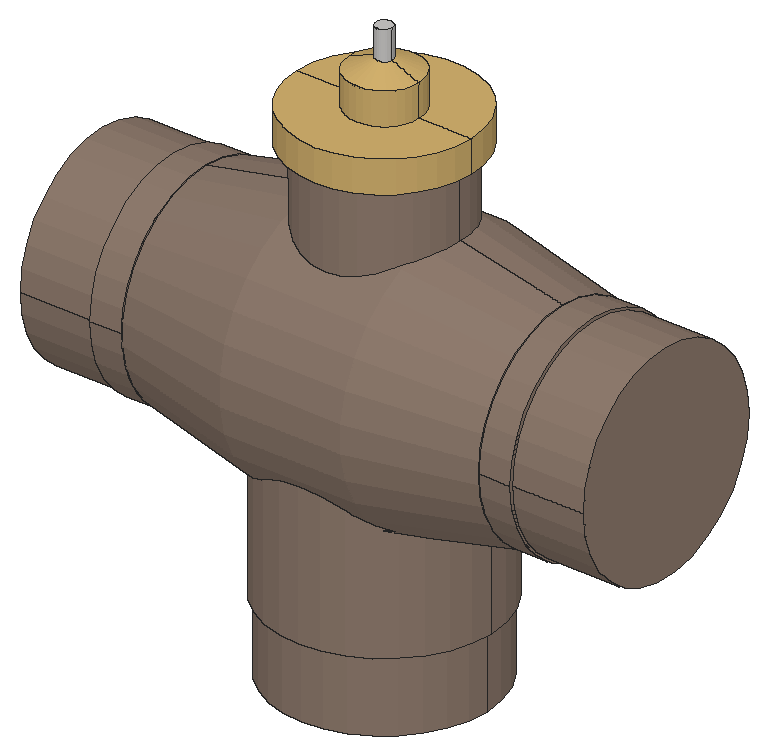
Revit family "1VMV_DN15-40_External_RFA", category Pipe Accessories, Revit 2019
Family settings
  Round Connector Dimension = Use Diameter
  Part Type = Valve - Breaks Into
  OmniClass Number = 23.65.55.14.17
  OmniClass Title = Adjusting/Controlling Valves for Liquid Services
  Work Plane-Based = No
  Always vertical = Yes
  Cut with Voids When Loaded = No
  Shared = No
Parameters (values of type "VMV_DN15_External_065F6015")
  Weight = 0.50 kg
  W = R_B1 * 2  # 33.584 mm
  R_B1 = 16.792 mm
  RT2 = 11 mm
  RT1 = 4.4 mm
  RB2 = 9.5 mm
  RB1 = 13.5 mm
  Nominal Pressure = "PN 16"  # constant formula
  Valve Body Material = Danfoss Red Bronze
  built-in parameter 1114242 [instance] = (empty or 0)
  URL = "https://store.danfoss.com/en/Climate-Solutions-for-heating/Self-acting-Thermostats/Valves-for-Thermostatic-Sensors/c/4096?q=%3Arelevance%3Adanfoss_producttypehierarchydesc%3A402447709af02e780a7ded907707f30d7175b537%3Adanfoss_a50461501115_fts%3ATA6_1501121&text="
  Thread = 27 mm
  TR = R1 * 2  # 26 mm
  Stroke = "2.0 mm"
  R1 = 13 mm
  Pressure Drop [instance] = 0.0 bar
  L1 = 4 mm
  L = 71 mm
  Kvs = 2.5 m³/h
  HT3 = 4 mm
  HT2 = 4 mm
  HB1 = 13.3 mm
  HB2 = 24 mm
  H = 37 mm
  Depth_Thread = 9 mm
  Model Type = "VMV_DN15_External"
  Model = "065F6015"
  Min Medium Temperature = "2 °C"  # constant formula
  Max Medium Temperature = "120 °C"  # constant formula
  Manufacturer = "Danfoss"  # constant formula
  LOD 350 = not(LOD 200)  # yes
  LOD 200 = no
  IfcExportType = "VMV"  # constant formula
  IfcExportAs = "IfcValveType"  # constant formula
  H1 = 36 mm
  Flow [instance] = 0.0 m³/h
  Description = "Motorized Control Valve"  # constant formula
  DV1 = 26.6 mm
  D = 15 mm
  Connection = "External Thread"  # constant formula
Types (5, lengths in mm): name | Weight | W | R_B1 | RT2 | RT1 | RB2 | RB1 | Thread | TR | Stroke | R1 | L1 | L | Kvs | HT3 | HT2 | HB1 | HB2 | H | Depth_Thread | Model Type | Model | H1 | DV1 | D
  VMV_DN25_External_065F6025 | 0.60 kg | 52 | 26 | 11.3 | 4.7 | 10 | 22.3 | 32 | 43 | "2.1 mm" | 21.5 | 4.2 | 93 | 6.3 m³/h | 4.3 | 3.815 | 21.5 | 33.5 | 47 | 11.3 | "VMV_DN25_External" | "065F6025" | 47 | 43 | 25
  VMV_DN32_External_065F6032 | 1.20 kg | 64 | 32 | 11.6 | 4.4 | 10 | 27.5 | 50 | 54.2 | "3.1 mm" | 27.1 | 4.1 | 106 | 10.0 m³/h | 4 | 4 | 27.5 | 39.4 | 52.5 | 13 | "VMV_DN32_External" | "065F6032" | 53 | 55 | 32
  VMV_DN40_External_065F6040 | 1.60 kg | 76 | 38 | 11.5 | 4.4 | 10 | 30.3 | 60 | 60 | "3.3 mm" | 30 | 4 | 120 | 12.0 m³/h | 4 | 4 | 30.3 | 46 | 59 | 13 | "VMV_DN40_External\r\nVMV_DN40_External" | "065F6040" | 60 | 60.6 | 40
  VMV_DN20_External_065F6020 | 0.60 kg | 44 | 22 | 11.8 | 4.7 | 10.3 | 18.3 | 32 | 35.4 | "2.1 mm" | 17.7 | 4.2 | 86 | 4.0 m³/h | 4.3 | 4.3 | 18 | 28 | 42 | 9.7 | "VMV_DN20_External" | "065F6020" | 43 | 36 | 20
  VMV_DN15_External_065F6015 | 0.50 kg | 33.584 | 16.792 | 11 | 4.4 | 9.5 | 13.5 | 27 | 26 | "2.0 mm" | 13 | 4 | 71 | 2.5 m³/h | 4 | 4 | 13.3 | 24 | 37 | 9 | "VMV_DN15_External" | "065F6015" | 36 | 26.6 | 15
Reference planes
  plane 1 "Center (Front/Back)": y = 0
  plane 2 "XYPLANE": z = 0
  plane 3 "Center (Left/Right)": x = 0
  plane 4 "170": y = 0
  plane 5 "57": y = 0
  plane 6 "10": x = -35.5
  plane 7 "6": y = 0
  plane 8 "5": z = 0
  plane 9 "132XZ": y = 0
  plane 10 "35XZ": y = 0
  plane 11 "47-3": x = 35.5
  plane 12 "29": x = -26.5
  plane 13: x = 26.5
  plane 14: z = -36
  plane 15: z = -27
  plane 16: z = 37
  plane 17: z = 39.4
  plane 18: z = 33.4
  plane 19: x = -22.5
  plane 20: x = 22.5
  plane 21: y = -16.792
  plane 22: y = 16.792
Forms (mm)
  Extrusion 1, solid, material "Danfoss Red Bronze" <- "Valve Body Material", detail levels fine
    sketch origin (-35.5, -750, 0) x (0, 1, 0) y (0, 0, 1)
      loop
        circle (750, 0) r 13
    from 0 to 9 <- "Depth_Thread"
  Extrusion 2, solid, material "Danfoss Red Bronze" <- "Valve Body Material", detail levels fine
    sketch origin (35.5, 0, 0) x (0, 1, 0) y (0, 0, -1)
      loop
        circle (0, 0) r 13
    from 0 to 9 <- "Depth_Thread"
  Revolve 3, solid, material "Danfoss Red Bronze" <- "Valve Body Material", visible <- "LOD 350", detail levels fine
    sketch origin (0, 0, 0) x (1, 0, 0) y (0, 0, 1)
      loop
        line (-22.5, 0) -> (22.5, 0) -> (22.5, 13.3)
        arc (22.5, 13.3) -> (0, 16.792) -> (-22.5, 13.3) r 74.233
        line (-22.5, 13.3) -> (-22.5, 0)
      axis (-22.5, 0) -> (22.5, 0)
    angle from 0 to 360
  Revolve 4, solid, material "Danfoss Red Bronze" <- "Valve Body Material", detail levels fine
    sketch origin (0, 0, 0) x (1, 0, 0) y (0, 0, 1)
      loop
        line (0, 24) -> (0, -27) -> (13.5, -27) -> (13.5, 0) -> (9.5, 0) -> (9.5, 24) -> (0, 24)
      axis (0, 24) -> (0, -27)
    angle from 0 to 360
  Revolve 5, solid, material "Danfoss Brass", visible <- "LOD 350", detail levels fine
    sketch origin (0, 0, 0) x (1, 0, 0) y (0, 0, 1)
      loop
        line (11, 24) -> (11, 28) -> (4.4, 28) -> (4.4, 32) -> (1, 33.4) -> (0, 33.4) -> (0, 24) -> (11, 24)
      axis (0, 33.4) -> (0, 24)
    angle from 0 to 360
  Extrusion 6, solid, material "Danfoss Stainless Steel", detail levels fine
    sketch origin (0, 0, 0) x (1, 0, 0) y (0, 1, 0)
      loop
        circle (0, 0) r 1
    from 33.4 to 37
  Extrusion 7, solid, material "Danfoss Red Bronze" <- "Valve Body Material", visible <- "LOD 200", detail levels fine
    sketch origin (35.5, 0, 0) x (0, 1, 0) y (0, 0, -1)
      loop
        circle (0, 0) r 13.3
    from 9 to 62
  Extrusion 8, solid, material "Danfoss Red Bronze" <- "Valve Body Material", visible <- "LOD 350", detail levels fine
    sketch origin (-45, 0, 0) x (0, 1, 0) y (0, 0, 1)
      loop
        circle (0, 0) r 13.3
    from 71.5 to 67.5
  Extrusion 9, solid, material "Danfoss Red Bronze" <- "Valve Body Material", visible <- "LOD 350", detail levels fine
    sketch origin (45, 0, 0) x (0, 1, 0) y (0, 0, -1)
      loop
        circle (0, 0) r 13.3
    from 71.5 to 67.5
  Revolve 10, solid, material "Danfoss Brass", visible <- "LOD 200", detail levels fine
    sketch origin (0, 0, 0) x (1, 0, 0) y (0, 0, 1)
      loop
        line (11, 24) -> (11, 33.4) -> (0, 33.4) -> (0, 24) -> (11, 24)
      axis (0, 33.4) -> (0, 24)
    angle from 0 to 360
  Revolve 11, solid, material "Danfoss Red Bronze" <- "Valve Body Material", detail levels fine
    sketch origin (0, 0, 0) x (1, 0, 0) y (0, 0, 1)
      loop
        line (0, -36) -> (13, -36) -> (13, -27) -> (0, -27) -> (0, -36)
      axis (0, -36) -> (0, -27)
    angle from 0 to 360
Lines and regions (mm)
  reference lines, not visible
    curve 1: circle (2, 2, 0) r 1 normal (0, 0, 1)
  reference lines
    curve 2: circle (12.391, 0, 5.807) r 1 normal (0.4226, 0, 0.9063)
    curve 3: circle (12.391, 0, 5.807) r 1 normal (0.4226, 0, 0.9063)
    curve 4: line (-35.5, 0, 0) -> (-35.5, 6.928, 4)
    curve 5: line (-35.5, 0, 0) -> (-35.5, 0, 8)
    curve 6: line (-35.5, 0, 0) -> (-35.5, -6.928, 4)
Dimensions and locks
  plane 1 "Center (Front/Back)" to curve 1 = 2 mm
  locked: plane 7 "6" to plane 4 "170"
  locked: plane 7 "6" to plane 5 "57"
  locked: plane 1 "Center (Front/Back)" to plane 7 "6"
  locked: plane 2 "XYPLANE" to plane 8 "5"
  "Depth_Thread": plane 6 "10" to plane 12 "29"
  "Depth_Thread": plane 13 to plane 11 "47-3"
  "H1": level to plane 14
  "Depth_Thread": plane 15 to plane 14
  "RB1": Revolve 4 sketch curve to Revolve 4 sketch curve
  "RB2": Revolve 4 sketch curve to Revolve 4 sketch curve
  "HB2": Revolve 4 sketch curve to level
  "H": plane 16 to level
  "RT1": Revolve 5 sketch curve to Revolve 5 sketch curve
  "RT2": Revolve 5 sketch curve to Revolve 5 sketch curve
  "HT3": Revolve 5 sketch curve to Revolve 5 sketch curve
  "HB2": Revolve 5 sketch curve to level
  "L": plane 11 "47-3" to plane 6 "10"
  "HT2": Revolve 5 sketch curve to Revolve 5 sketch curve
  Revolve 5 sketch curve to Revolve 5 sketch curve = 1 mm
  "L1": plane 19 to plane 12 "29"
  "L1": plane 20 to plane 13
  equal spacing: plane 6 "10", plane 3 "Center (Left/Right)", plane 11 "47-3"
  "R1": Revolve 11 sketch curve to Revolve 11 sketch curve
  "RT2": Revolve 10 sketch curve to plane 3 "Center (Left/Right)"
  "HB1": Revolve 3 sketch curve to Revolve 3 sketch curve  (x2)
  "R_B1": Revolve 3 sketch curve to Revolve 3 sketch curve
  locked: plane 16 to plane 18 at 3.6
  "W": plane 22 to plane 21
  equal spacing: plane 22, plane 1 "Center (Front/Back)", plane 21
  "R1": radius of Extrusion 2 sketch curve
  "R1": radius of Extrusion 1 sketch curve
  "DV1": diameter of Extrusion 7 sketch curve
  "DV1": diameter of Extrusion 8 sketch curve
  "DV1": diameter of Extrusion 9 sketch curve
  radius of Extrusion 6 sketch curve = 1 mm
  locked: curve 5 to curve 4 (angle 60.00°)
  locked: curve 6 to curve 5 (angle 60.00°)
  locked: curve 6 to curve 4 (angle 120.00°)
  aligned and locked: level to plane 2 "XYPLANE"
  aligned and locked: plane 4 "170" to curve 2
  aligned and locked: plane 4 "170" to curve 3
  aligned and locked: curve 6 to plane 7 "6"
  aligned and locked: plane 8 "5" to curve 6
  aligned and locked: plane 1 "Center (Front/Back)" to Extrusion 1 sketch curve
  aligned and locked: level to Extrusion 1 sketch curve
  aligned and locked: Revolve 3 sketch curve to level
  aligned and locked: Revolve 3 sketch curve to Revolve 3 sketch curve
  aligned and locked: Revolve 4 sketch curve to level
  aligned and locked: Revolve 4 sketch curve to plane 15
  aligned and locked: Revolve 4 sketch curve to Revolve 4 sketch curve  (x2)
  aligned and locked: Revolve 5 sketch curve to plane 3 "Center (Left/Right)"  (x2)
  aligned and locked: Extrusion 6 to plane 18
  aligned and locked: plane 16 to Extrusion 6
  aligned and locked: Revolve 5 sketch curve to plane 18
  aligned and locked: Revolve 5 sketch curve to Extrusion 6
  aligned and locked: Revolve 4 to Revolve 5 sketch curve
  aligned and locked: Extrusion 7 to plane 12 "29"
  aligned and locked: Extrusion 7 to plane 13
  aligned and locked: Extrusion 9 to plane 19
  aligned and locked: plane 20 to Extrusion 8
  aligned and locked: Revolve 10 sketch curve to Revolve 5
  aligned and locked: Revolve 10 sketch curve to plane 3 "Center (Left/Right)"
  aligned and locked: Revolve 10 sketch curve to plane 18
  aligned and locked: Revolve 11 sketch curve to plane 14
  aligned and locked: Revolve 11 sketch curve to plane 3 "Center (Left/Right)"
  aligned and locked: Revolve 11 sketch curve to plane 15
  aligned and locked: Revolve 11 sketch curve to Revolve 11 sketch curve  (x2)
  aligned and locked: nested 1 to plane 10 "35XZ"
  aligned and locked: plane 3 "Center (Left/Right)" to nested 1
  aligned and locked: nested 1 to plane 3 "Center (Left/Right)"
  aligned and locked: plane 19 to Revolve 3 sketch curve
  aligned and locked: Revolve 3 sketch curve to plane 20
  aligned and locked: Extrusion 9 to plane 12 "29"
  aligned and locked: Extrusion 8 to plane 13
Automatic sketch dimensions
  plane 3 "Center (Left/Right)" to curve 1 = 2 mm
  curve 2 to curve 3 = 0 mm
  plane 1 "Center (Front/Back)" to Extrusion 6 sketch curve = 0 mm
  Extrusion 6 sketch curve to plane 3 "Center (Left/Right)" = 0 mm
  Extrusion 2 sketch curve to level = 0 mm
  Extrusion 2 sketch curve to plane 1 "Center (Front/Back)" = 0 mm
  Revolve 3 sketch curve to plane 12 "29" = 0 mm
  plane 13 to Revolve 3 sketch curve = 0 mm
  Revolve 4 sketch curve to plane 3 "Center (Left/Right)" = 0 mm
  Revolve 4 sketch curve to plane 15 = 0 mm
  Extrusion 7 sketch curve to level = 0 mm
  Extrusion 7 sketch curve to plane 1 "Center (Front/Back)" = 0 mm
  Extrusion 8 sketch curve to level = 0 mm
  Extrusion 8 sketch curve to plane 1 "Center (Front/Back)" = 0 mm
  Extrusion 9 sketch curve to level = 0 mm
  Extrusion 9 sketch curve to plane 1 "Center (Front/Back)" = 0 mm
  Revolve 10 sketch curve to level = 0 mm
  Revolve 10 sketch curve to plane 3 "Center (Left/Right)" = 0 mm
  Revolve 10 sketch curve to plane 16 = 0 mm
  Revolve 11 sketch curve to Revolve 11 sketch curve = 5 mm
  radius of curve 1 = 1 mm
  radius of curve 2 = 1 mm
  radius of curve 3 = 1 mm
Nested families
  nested 1: "Schematic_3-Way Valve" at (0, 0, 0), type "Schematic_3-Way Valve", detail levels coarse+medium
Connectors
  piping at (35.5, 0, 0), diameter 15, driven by "D", driven by "Flow"
    settings: on Extrusion 2, index 1, connector inside diameter 609.6 mm, connector length 0 mm, flow factor 0, pipe flow 0.0 m³/h, pressure drop 0.0 bar, fitting loss kfactor 0, connector angle 0.00°, fixture units 0, engagement length 0 mm, angle of deflection 0.00°, flow configuration 0, flow direction 0, fitting loss method 0, system type 29, joint type 0, gender type 0, connector reference index 2, connector utility 0, adjustable connector no, is connector primary yes, connector description ""
  piping at (-35.5, 0, 0), diameter 15, driven by "D", driven by "Flow"
    settings: on Extrusion 1, index 2, connector inside diameter 609.6 mm, connector length 0 mm, flow factor 0, pipe flow 0.0 m³/h, pressure drop 0.0 bar, fitting loss kfactor 0, connector angle 0.00°, fixture units 0, engagement length 0 mm, angle of deflection 0.00°, flow configuration 0, flow direction 0, fitting loss method 0, system type 29, joint type 0, gender type 0, connector reference index 1, connector utility 0, adjustable connector no, is connector primary no, connector description ""
  piping at (0, 0, -36), diameter 15, driven by "D", driven by "Flow"
    settings: on Revolve 11, index 3, connector inside diameter 609.6 mm, connector length 0 mm, flow factor 0, pipe flow 0.0 m³/h, pressure drop 0.0 bar, fitting loss kfactor 0, connector angle 0.00°, fixture units 0, engagement length 0 mm, angle of deflection 0.00°, flow configuration 0, flow direction 0, fitting loss method 0, system type 29, joint type 0, gender type 0, connector reference index -1, connector utility 0, adjustable connector no, is connector primary no, connector description ""
Definition of nested family "Schematic_3-Way Valve"
  Parameters (values of type "Schematic_3-Way Valve")
    L_1 = L / 3  # 53.333 mm
    L = 160 mm
    H1 = 82.5 mm
    H = 136.8 mm
    D1 = 81.5 mm
  Reference planes
    plane 1 "Center (Front/Back)": y = 0
    plane 2: z = 0
    plane 3 "Center (Left/Right)": x = 0
    plane 4: z = 40.75
    plane 5: z = -40.75
    plane 6: x = -80
    plane 7: x = 80
    plane 8: x = 40.75
    plane 9: x = -40.75
    plane 10: z = -82.5
    plane 11: y = -82.5
    plane 12: y = 40.75
    plane 13: y = -40.75
    plane 14: z = 136.8
    plane 15: z = 83.467
    plane 16: x = 26.667
    plane 17: x = -26.667
    plane 18: y = 136.8
    plane 19: y = 83.467
  Lines and regions (mm)
    model lines
      curve 1: line (0, 0, 0) -> (-40.75, 0, -82.5)
      curve 2: line (0, 0, 0) -> (40.75, 0, -82.5)
      curve 3: line (40.75, 0, -82.5) -> (-40.75, 0, -82.5)
      curve 4: line (0, 0, 0) -> (80, 0, 40.75)
      curve 5: line (80, 0, 40.75) -> (80, 0, -40.75)
      curve 6: line (80, 0, -40.75) -> (0, 0, 0)
      curve 7: line (0, 0, 0) -> (-80, 0, 40.75)
      curve 8: line (-80, 0, 40.75) -> (-80, 0, -40.75)
      curve 9: line (-80, 0, -40.75) -> (0, 0, 0)
      curve 19: line (0, 0, 83.467) -> (0, 0, 0)
      curve 20: line (-26.667, 0, 136.8) -> (26.667, 0, 136.8)
      curve 21: line (-26.667, 0, 83.467) -> (-26.667, 0, 136.8)
      curve 22: line (26.667, 0, 83.467) -> (-26.667, 0, 83.467)
      curve 23: line (26.667, 0, 136.8) -> (26.667, 0, 83.467)
    symbolic lines
      curve 10: line (0, 0, 0) -> (80, 40.75, 0)
      curve 11: line (80, 40.75, 0) -> (80, -40.75, 0)
      curve 12: line (80, -40.75, 0) -> (0, 0, 0)
      curve 13: line (0, 0, 0) -> (-80, 40.75, 0)
      curve 14: line (-80, 40.75, 0) -> (-80, -40.75, 0)
      curve 15: line (-80, -40.75, 0) -> (0, 0, 0)
      curve 16: line (0, 0, 0) -> (40.75, -82.5, 0)
      curve 17: line (40.75, -82.5, 0) -> (-40.75, -82.5, 0)
      curve 18: line (0, 0, 0) -> (-40.75, -82.5, 0)
      curve 24: line (-26.667, 136.8, 0) -> (26.667, 136.8, 0)
      curve 25: line (-26.667, 83.467, 0) -> (-26.667, 136.8, 0)
      curve 26: line (26.667, 83.467, 0) -> (-26.667, 83.467, 0)
      curve 27: line (26.667, 136.8, 0) -> (26.667, 83.467, 0)
      curve 28: line (0, 0, 0) -> (0, 83.467, 0)
  Dimensions and locks
    "D1": plane 4 to plane 5
    equal spacing: plane 4, level, plane 5
    "D1": plane 8 to plane 9
    equal spacing: plane 8, plane 3 "Center (Left/Right)", plane 9
    plane 9 to plane 8 = 81.5 mm
    equal spacing: plane 9, plane 3 "Center (Left/Right)", plane 8
    "D1": plane 13 to plane 12
    equal spacing: plane 13, plane 1 "Center (Front/Back)", plane 12
    "L_1": plane 14 to plane 15
    "H": plane 14 to level
    "L_1": plane 16 to plane 17
    equal spacing: plane 16, plane 3 "Center (Left/Right)", plane 17
    "H": plane 1 "Center (Front/Back)" to plane 18
    "L_1": plane 19 to plane 18
    equal spacing: plane 17, plane 3 "Center (Left/Right)", plane 16
    plane 17 to plane 16 = 53.333 mm
    equal spacing: plane 7, plane 3 "Center (Left/Right)", plane 6
    "L": plane 7 to plane 6
    "H1": plane 2 to plane 10
    "H1": plane 11 to plane 1 "Center (Front/Back)"
    aligned and locked: level to plane 2
    aligned and locked: plane 10 to curve 3
    aligned and locked: curve 5 to plane 7
    aligned and locked: curve 8 to plane 6
    aligned and locked: level to curve 19
    aligned and locked: curve 20 to plane 14
    aligned and locked: plane 17 to curve 21
    aligned and locked: curve 23 to plane 16
    aligned and locked: plane 19 to curve 28
    aligned and locked: plane 15 to curve 19
  Automatic sketch dimensions
    curve 13 to plane 6 = 0 mm
    curve 18 to plane 9 = 0 mm
    curve 26 to plane 17 = 0 mm
    plane 1 "Center (Front/Back)" to curve 15 = 0 mm
    curve 15 to plane 3 "Center (Left/Right)" = 0 mm
    curve 24 to plane 16 = 0 mm
    curve 16 to plane 8 = 0 mm
    curve 12 to plane 7 = 0 mm
    plane 11 to curve 17 = 0 mm
    plane 13 to curve 12 = 0 mm
    plane 13 to curve 15 = 0 mm
    plane 12 to curve 13 = 0 mm
    plane 12 to curve 11 = 0 mm
    plane 18 to curve 24 = 0 mm
    curve 3 to plane 9 = 0 mm
    curve 6 to plane 3 "Center (Left/Right)" = 0 mm
    curve 2 to plane 8 = 0 mm
    curve 6 to plane 5 = 0 mm
    curve 9 to plane 5 = 0 mm
    curve 5 to plane 4 = 0 mm
    curve 7 to plane 4 = 0 mm
